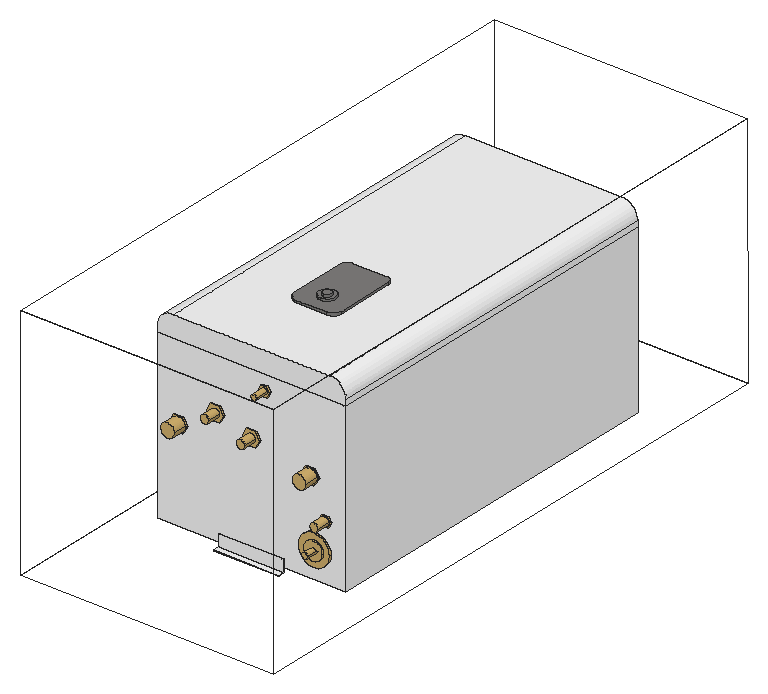
Revit family "Water_Boiler-Navien-NFC-Condensing-NFC-175", category Mechanical Equipment, host Face, Revit 2017
Family settings
  Host = Face
  Round Connector Dimension = Use Diameter
  Part Type = Normal
  OmniClass Number = 23.65.35.11
  OmniClass Title = Supply Water Heaters
  Cut with Voids When Loaded = No
  Shared = No
  Room Calculation Point = No
Parameters (values of type "NFC-175")
  Width = 17 77/256"  # constant formula
  Wi-Fi Ready = "NaviLink Wi‑Fi Control: This add-on accessory enables access to control temperatures remotely, access usage data and receive diagnostic notifications via smartphone or tablet."  # constant formula
  Weight = 145.00 lbf  # constant formula
  Water Pressure = "12–80 psi"  # constant formula
  Warranty Note = "Heat Exchangers: 15 years limited warranty (Residential), 10 years (Commercial) | Parts: 5 years (Residential), 3 years (Commercial)"  # constant formula
  Warranty = "https://www.navieninc.com/warranties"
  Voltage = 120 V
  Version = "2017 - v1.0.a"  # constant formula
  Venting Type = "Forced draft direct vent"  # constant formula
  Venting = "Exhaust: 2 in or 3 in PVC, CPVC, Approved Polypropylene, Stainless Steel, 2 in or 3 in Special Gas Vent Type BH (Class III, A/B/C) | Intake: 2 in or 3 in PVC, CPVC, Polypropylene, Stainless Steel, ABS 2 in or 3 in Special Gas Vent Type BH (Class III, A/B/C) | Vent Clearance: 0 in to combustibles"  # constant formula
  URL = "https://www.navieninc.com"
  Propane Gas Supply Pressure = "8.0\" to 13.5\" WC"  # constant formula
  Propane Gas Manifold Pressure = "-0.10\" to -0.45\" WC"  # constant formula
  Product Page URL = "https://www.navieninc.com/products/nfc-175"
  Product Name = "NFC Series Combination Boilers"  # constant formula
  Product Documentation Link = "https://www.navieninc.com/downloads/nfc-product-specifications-en"
  Power Factor = 1
  Phase = 1
  Number of Poles = 1
  Natural Gas Supply Pressure = "3.5\" to 10.5\" WC"  # constant formula
  Natural Gas Manifold Pressure = "-0.05\" to -0.47\" WC"  # constant formula
  Model = "NFC-175"  # constant formula
  Material = ""
  Manufacturer Phone Number = "(949) 420-0420"  # constant formula
  Manufacturer Fax Number = "(949) 420-0430"  # constant formula
  Manufacturer Address = "20 Goodyear, Irvine, CA 92618"  # constant formula
  Manufacturer = "Navien, Inc."  # constant formula
  Keynote = "22 33 00.A1"
  Intake = if([2" Exhaust/Intake], 2", 3")  # 2"
  Installation Type = "Indoor Wall-Hung"  # constant formula
  Ignition = "Electronic ignition"  # constant formula
  Hot Water Outlet = 3/4"  # constant formula
  Height = 33 1/2"  # constant formula
  Heating Supply = 1 1/4"  # constant formula
  Heating Return = 1 1/4"  # constant formula
  Heating Capacity Note = "175,000 to 18,000 BTUh"  # constant formula
  Heating Capacity = 175000.0 Btu/h
  Gas Inlet = 3/4"  # constant formula
  Gas Connection Size = 3/4"  # constant formula
  Frequency = 60 Hz
  Flow Rate = 0 GPM
  Finish = Metal - Navien - White
  Exhaust = if([2" Exhaust/Intake], 2", 3")  # 2"
  Description = "Condensing Gas Hot Water Boiler"  # constant formula
  Depth = 17 77/256"  # constant formula
  Default Elevation = 48"
  Condensate Outlet = 1/2"  # constant formula
  Cold Water Inlet = 3/4"  # constant formula
  Certifications = "Energy Star | AHRI | CSA | ASME | CSA Blue Star | CSA Blue Flame"  # constant formula
  Auto Feeder Inlet = 1/2"  # constant formula
  3" Exhaust/Intake = not([2" Exhaust/Intake])  # no
  2" Exhaust/Intake = yes
  Copyright = "All contents copyright © Navien Inc."  # constant formula
  Clearance [instance] = yes
  Assembly Code = "D3010500"
  Apparent Load = 0 VA
Reference planes (in)
  plane 1 "Center (Elevation)": y = 0
  plane 2: z = 0
  plane 3 "Reference": x = 0
  plane 4 "Top": y = 22.02539
  plane 5 "Left": x = -10.28125
  plane 6 "Bottom": y = -11.47461
  plane 7 "Right": x = 7.01953
  plane 8: z = 17.70078
  plane 9: y = 24.69539
  plane 10: z = 0.4
  plane 11 "Center (Left/Right)": x = -1.63086
  plane 12 "Condensate Outlet 1": z = 3.0018
  plane 13: y = 5.27539
  plane 14: z = -0.1
  plane 15: z = 5.6
  plane 16: z = 8.9
  plane 17: z = 10.1
  plane 18: z = 11
  plane 19: z = 3
  plane 20: x = 4.31875
  plane 21: x = 3.81875
  plane 22: x = -1.58125
  plane 23: x = -4.88125
  plane 24: x = -8.28125
Forms (in)
  Extrusion 1, solid, material "Metal - Navien - White" <- "Finish", detail levels medium+fine
    sketch origin (0, 0, 0) x (0, 1, 0) y (0, 0, 1)
      loop
        line (-11.4781, 1.12877) -> (-11.52126, 1.12877) -> (-11.52126, 0.04724) -> (-12.09194, 0.04724) -> (-12.09194, 0) -> (-11.4781, 0) -> (-11.4781, 1.12877)
    from -4.58124 to 1.3703
  Extrusion 2, solid, material "Metal - Navien - White" <- "Finish", detail levels medium+fine
    sketch origin (0, 0, 0) x (1, 0, 0) y (0, 0, 1)
      loop
        line (-10.28125, 15.75) -> (7.01953, 15.75) -> (7.01953, 16.2125)
        arc (7.01953, 16.2125) -> (6.58362, 17.26487) -> (5.53125, 17.70078) r 1.48828
        line (5.53125, 17.70078) -> (-8.78125, 17.70078)
        arc (-8.78125, 17.70078) -> (-9.84191, 17.26144) -> (-10.28125, 16.20078) r 1.5
        line (-10.28125, 16.20078) -> (-10.28125, 15.75)
    from -22.02539 to 11.47461
  Extrusion 3, solid, material "Metal - Navien - Brass, Soft Yellow"
    sketch origin (-3.25, 0, 0) x (-1, 0, 0) y (0, 0, -1)
      loop
        circle (4.99187, -12.56948) r 0.375
    from -23.32281 to -22.02539
  Extrusion 4, solid, material "Metal - Navien - Black", detail levels medium+fine
    sketch origin (0, 23.25489, 5.90687) x (0, 1, 0) y (-1, 0, 0)
      loop
        arc (-21.15746, 3.16493) -> (-21.34721, 3.62302) -> (-21.80529, 3.81276) r 0.64783
        line (-21.80529, 3.81276) -> (-27.01433, 3.81276)
        arc (-27.01433, 3.81276) -> (-27.64587, 3.55117) -> (-27.90746, 2.91963) r 0.89314
        line (-27.90746, 2.91963) -> (-27.90746, 0.1692)
        arc (-27.90746, 0.1692) -> (-27.68779, -0.36113) -> (-27.15746, -0.5808) r 0.75
        line (-27.15746, -0.5808) -> (-21.78679, -0.5808)
        arc (-21.78679, -0.5808) -> (-21.34179, -0.39648) -> (-21.15746, 0.04853) r 0.62933
        line (-21.15746, 0.04853) -> (-21.15746, 3.16493)
    from 11.79391 to 12
  Extrusion 5, solid, material "Metal - Navien - Black", detail levels medium+fine
    sketch origin (0, 23.25489, 4.3925) x (0, 1, 0) y (-1, 0, 0)
      loop
        circle (-26.04399, 1.63086) r 0.38018
    from 13.51437 to 13.80828
  Extrusion 6, solid, material "Metal - Navien - Black", detail levels medium+fine
    sketch origin (0, 23.25489, 4.3925) x (0, 1, 0) y (-1, 0, 0)
      loop
        circle (-26.03131, 1.63086) r 0.75
    from 13.30828 to 13.64814
  Extrusion 7, solid, material "Metal - Navien - White" <- "Finish", detail levels medium+fine
    sketch origin (-3.37047, -180, 9.44422) x (0, 0, 1) y (0, -1, 0)
      loop
        line (6.30578, -168.59281) -> (6.25519, -168.59281) -> (6.25519, -168.52539) -> (-9.04422, -168.52539) -> (-9.04422, -202.02539) -> (6.25519, -202.02539) -> (6.25519, -201.9886) -> (6.30578, -201.9886) -> (6.30578, -168.59281)
    from -6.91078 to 10.39
  Extrusion 8, solid, material "Metal - Navien - Brass, Soft Yellow"
    sketch origin (0, 0, 0) x (1, 0, 0) y (0, 0, 1)
      loop
        line (5.70898, 5.6) -> (5.43829, 6.06885) -> (4.89692, 6.06885) -> (4.62623, 5.6) -> (4.89692, 5.13115) -> (5.43829, 5.13115) -> (5.70898, 5.6)
      loop
        line (-4.0949, 11) -> (-4.48807, 11.681) -> (-5.27443, 11.681) -> (-5.6676, 11) -> (-5.27443, 10.319) -> (-4.48807, 10.319) -> (-4.0949, 11)
      loop
        line (-7.4949, 8.9) -> (-7.88807, 9.581) -> (-8.67443, 9.581) -> (-9.0676, 8.9) -> (-8.67443, 8.219) -> (-7.88807, 8.219) -> (-7.4949, 8.9)
      loop
        line (-0.7949, 10.1) -> (-1.18807, 10.781) -> (-1.97443, 10.781) -> (-2.3676, 10.1) -> (-1.97443, 9.419) -> (-1.18807, 9.419) -> (-0.7949, 10.1)
      loop
        line (4.6051, 8.9) -> (4.21193, 9.581) -> (3.42557, 9.581) -> (3.0324, 8.9) -> (3.42557, 8.219) -> (4.21193, 8.219) -> (4.6051, 8.9)
      loop
        line (0.17051, 14.37903) -> (-0.10018, 14.84788) -> (-0.64156, 14.84788) -> (-0.91225, 14.37903) -> (-0.64156, 13.91018) -> (-0.10018, 13.91018) -> (0.17051, 14.37903)
    from 11.47461 to 11.59257
  Extrusion 9, solid, material "Metal - Navien - Brass, Soft Yellow"
    sketch origin (0, 0, 0) x (1, 0, 0) y (0, 0, 1)
      loop
        circle (-8.28125, 8.9) r 0.625
      loop
        circle (-1.58125, 10.1) r 0.375
      loop
        circle (5.16876, 5.6) r 0.375
      loop
        circle (4.31875, 3) r 0.25
      loop
        circle (-4.88125, 11) r 0.375
      loop
        circle (3.81875, 8.9) r 0.625
      loop
        circle (-0.37087, 14.37903) r 0.25
    from 11.47461 to 12.78461
  Extrusion 10, solid, material "Metal - Navien - Brass, Soft Yellow", detail levels medium+fine
    sketch origin (0.1875, 0, -0.0625) x (1, 0, 0) y (0, 0, 1)
      loop
        circle (4.13125, 3.0625) r 1.42959
    from 11.59257 to 11.73334
  Extrusion 11, solid, material "Metal - Navien - Brass, Soft Yellow", detail levels medium+fine
    sketch origin (0.1875, 0, -0.0625) x (1, 0, 0) y (0, 0, 1)
      loop
        circle (4.13125, 3.0625) r 0.83408
    from 11.73334 to 11.841
  Extrusion 12, solid, material "Metal - Navien - Brass, Soft Yellow", detail levels medium+fine
    sketch origin (0, 0, 0) x (1, 0, 0) y (0, 0, 1)
      loop
        arc (-8.70931, 11.36209) -> (-8.24187, 11.46877) -> (-7.77443, 11.36209) r 1.07739
        arc (-7.77443, 11.36209) -> (-6.94715, 12.56948) -> (-7.77443, 13.77688) r 1.29472
        arc (-7.77443, 13.77688) -> (-8.24187, 13.67019) -> (-8.70931, 13.77688) r 1.07739
        arc (-8.70931, 13.77688) -> (-9.53659, 12.56948) -> (-8.70931, 11.36209) r 1.29472
    from -22.02539 to -22.33036
  Extrusion 13, solid, material "Metal - Navien - White" <- "Finish", detail levels coarse
    sketch origin (0, 19.32383, 4.3925) x (0, 1, 0) y (-1, 0, 0)
      loop
        line (2.70156, 10.28125) -> (-30.79844, 10.28125) -> (-30.79844, -7.01953) -> (2.70156, -7.01953) -> (2.70156, 10.28125)
    from -3.9925 to 13.30828
  Extrusion 14, solid, material "Clearances - Navien", visible <- "Clearance"
    sketch origin (0, 19.32383, 4.3925) x (0, 1, 0) y (-1, 0, 0)
      loop
        line (11.70156, 13.28125) -> (-42.79844, 13.28125) -> (-42.79844, -10.01953) -> (11.70156, -10.01953) -> (11.70156, 13.28125)
    from -4.4925 to 17.30828
Cuts and joins
  joined: Extrusion 4, Extrusion 5, Extrusion 6
  joined: Extrusion 8, Extrusion 9
Lines and regions (in)
  Split face 1
    outline origin (0, 23.25489, 17.90687) x (0, 1, 0) y (-1, 0, 0)
      loop
        line (-22.00951, 2.94276) -> (-23.25951, 2.94276) -> (-23.25951, 0.19276) -> (-22.00951, 0.19276) -> (-22.00951, 2.94276)
  Split face 2
    outline origin (-3.16493, 6.02848, 17.90687) x (-1, 0, 0) y (0, -1, 0)
      loop
        line (-0.35049, 6.75) -> (-0.35049, 7.10256) -> (-2.71765, 7.10256) -> (-2.71765, 6.75) -> (-0.35049, 6.75)
  Split face 3
    outline origin (-3.16493, 6.02848, 17.90687) x (-1, 0, 0) y (0, -1, 0)
      loop
        line (-2.90907, 6.0331) -> (-2.90907, 4.7831) -> (-0.15907, 4.7831) -> (-0.15907, 6.0331) -> (-2.90907, 6.0331)
  model lines, style "Clearance", visible <- "Clearance"
    curve 1: line (-13.28125, 31.02539, -0.1) -> (-13.28125, -23.47461, -0.1)
    curve 2: line (-13.28125, -23.47461, -0.1) -> (10.01953, -23.47461, -0.1)
    curve 3: line (10.01953, -23.47461, -0.1) -> (10.01953, 31.02539, -0.1)
    curve 4: line (10.01953, 31.02539, -0.1) -> (-13.28125, 31.02539, -0.1)
    curve 5: line (10.01953, 31.02539, 21.70078) -> (10.01953, -23.47461, 21.70078)
    curve 6: line (10.01953, -23.47461, 21.70078) -> (-13.28125, -23.47461, 21.70078)
    curve 7: line (-13.28125, -23.47461, 21.70078) -> (-13.28125, 31.02539, 21.70078)
    curve 8: line (-13.28125, 31.02539, 21.70078) -> (10.01953, 31.02539, 21.70078)
    curve 9: line (10.01953, 31.02539, 21.70078) -> (10.01953, 31.02539, -0.1)
    curve 10: line (-13.28125, 31.02539, 21.70078) -> (-13.28125, 31.02539, -0.1)
    curve 11: line (10.01953, -23.47461, 21.70078) -> (10.01953, -23.47461, -0.1)
    curve 12: line (-13.28125, -23.47461, 21.70078) -> (-13.28125, -23.47461, -0.1)
  model lines, style "MechanicalEquipment", detail levels medium+fine
    curve 13: arc (-0.63086, -2.7891, 17.90687) -> (-1.63086, -1.7891, 17.90687) -> (-2.63086, -2.7891, 17.90687) r 1
    curve 14: arc (-2.63086, -2.7891, 17.90687) -> (-1.63086, -3.7891, 17.90687) -> (-0.63086, -2.7891, 17.90687) r 1
Dimensions and locks (in)
  plane 5 "Left" to plane 3 "Reference" to plane 7 "Right" = 10 9/32", 7 5/256"
  "Width": plane 5 "Left" to plane 7 "Right"
  "Height": plane 4 "Top" to plane 6 "Bottom"
  "Depth": plane 8 to plane 10
  plane 8 to level = 17.70078"
  locked: plane 9 to plane 4 "Top" at 2.67
  locked: plane 10 to plane 2 at 0.4
  equal spacing: plane 7 "Right", plane 11 "Center (Left/Right)", plane 5 "Left"
  locked: Extrusion 1 to level at 1.12877  (x2)
  locked: Extrusion 1 to level at 0.04724  (x2)
  locked: Extrusion 1 sketch curve to level at 0.04724  (x10)
  locked: Extrusion 1 sketch curve to level at 1.12877  (x10)
  locked: Extrusion 2 to level at 17.70078  (x2)
  locked: Extrusion 2 to level at 15.75  (x2)
  locked: Extrusion 2 sketch curve to level at 15.75  (x10)
  locked: Extrusion 2 sketch curve to level at 16.2125  (x4)
  locked: Extrusion 2 sketch curve to level at 17.70078  (x10)
  locked: Extrusion 2 sketch curve to level at 16.20078  (x4)
  locked: Extrusion 4 sketch curve to level at 5.90687  (x48)
  locked: Extrusion 5 sketch curve to level at 4.3925  (x4)
  locked: Extrusion 6 sketch curve to level at 4.3925  (x4)
  locked: Extrusion 7 to level at 15.75  (x2)
  locked: Extrusion 7 to level at 15.69941  (x4)
  locked: Extrusion 7 to level at 0.4  (x2)
  locked: Extrusion 7 sketch curve to level at 15.75  (x10)
  locked: Extrusion 7 sketch curve to level at 15.69941  (x20)
  locked: Extrusion 7 sketch curve to level at 0.4  (x10)
  plane 6 "Bottom" to Extrusion 1 sketch curve to Extrusion 1 sketch curve to Extrusion 1 sketch curve = 0.00349" locked, 0.04316" locked, 0.57068" locked
  locked: plane 8 to Extrusion 2 sketch curve at 1.95078
  locked: plane 6 "Bottom" to cut or joined group of Extrusion 8, Extrusion 9 at 1.31
  plane 6 "Bottom" to cut or joined group of Extrusion 8, Extrusion 9 to Extrusion 10 to Extrusion 11 = 0.11796" locked, 0.14077" locked, 0.10765" locked
  locked: Extrusion 7 sketch curve to plane 6 "Bottom" at 0.06742
  equal spacing: plane 4 "Top", plane 13, plane 6 "Bottom"
  Extrusion 4 sketch curve to Extrusion 4 sketch curve to Extrusion 4 sketch curve to plane 11 "Center (Left/Right)" to Extrusion 4 sketch curve to Extrusion 4 sketch curve to Extrusion 4 sketch curve = 0.64783" locked, 0.24531" locked, 1.28877" locked, 1.46166" locked, 0.12067" locked, 0.62933" locked
  plane 6 "Bottom" to Extrusion 4 sketch curve to Extrusion 4 sketch curve to Extrusion 4 sketch curve to Extrusion 4 sketch curve to Extrusion 4 sketch curve to Extrusion 4 sketch curve = 6.82204", 3/4" locked, 0.14314" locked, 5.20904" locked, 0.0185" locked, 0.62933" locked
  locked: plane 10 to nested 1 at 4.1
  locked: nested 1 to plane 5 "Left" at 13.5
  locked: plane 10 to nested 2 at 4.3
  locked: nested 2 to plane 5 "Left" at 3.8
  locked: Extrusion 13 to plane 14 at 0.5
  locked: Extrusion 14 sketch curve to plane 5 "Left" at 3
  locked: plane 7 "Right" to Extrusion 14 sketch curve at 3
  locked: Extrusion 14 sketch curve to plane 4 "Top" at 9
  locked: Extrusion 14 sketch curve to plane 6 "Bottom" at 12
  locked: plane 11 "Center (Left/Right)" to Extrusion 3 sketch curve at 6.61101
  locked: Extrusion 3 sketch curve to level at 12.56948
  plane 11 "Center (Left/Right)" to Extrusion 12 sketch curve to Extrusion 12 sketch curve to Extrusion 12 sketch curve to Extrusion 12 sketch curve = 6.14357" locked, 0" locked, 0.93488" locked, 0" locked
  Extrusion 12 sketch curve to Extrusion 12 sketch curve to Extrusion 12 sketch curve to Extrusion 12 sketch curve to level = 0" locked, 2.41479" locked, 0" locked, 11.36209" locked
  Extrusion 13 sketch curve to plane 11 "Center (Left/Right)" to Extrusion 13 sketch curve = 8.65039" locked, 8.65039" locked
  Extrusion 13 sketch curve to plane 13 to Extrusion 13 sketch curve = 16 3/4" locked, 16 3/4" locked
  locked: plane 6 "Bottom" to Extrusion 5 sketch curve at 8.68551
  Split face 2 sketch curve to plane 11 "Center (Left/Right)" to Split face 2 sketch curve = 1 47/256" locked, 1 47/256" locked
  plane 6 "Bottom" to Split face 2 sketch curve to Split face 2 sketch curve = 10.40053", 0.35256" locked
  plane 6 "Bottom" to Split face 3 sketch curve to Split face 3 sketch curve = 11.46999", 1 1/4" locked
  Split face 3 sketch curve to plane 11 "Center (Left/Right)" to Split face 3 sketch curve = 1 3/8" locked, 1 3/8" locked
  plane 6 "Bottom" to Extrusion 6 sketch curve = 8.69819"
  Extrusion 3 to Extrusion 12 to Extrusion 12 to plane 4 "Top" = 0.99244" locked, 0.30497" locked, 0" locked
  locked: plane 18 to plane 10 at 10.6
  locked: plane 17 to plane 10 at 9.7
  locked: plane 16 to plane 10 at 8.5
  locked: plane 15 to plane 10 at 5.2
  locked: plane 19 to plane 10 at 2.6
  plane 20 to plane 5 "Left" = 14.6"
  locked: plane 24 to plane 5 "Left" at 2
  locked: plane 23 to plane 24 at 3.4
  locked: plane 22 to plane 23 at 3.3
  locked: plane 21 to plane 22 at 5.4
  Extrusion 8 sketch curve to Extrusion 8 sketch curve to Extrusion 8 sketch curve to Extrusion 8 sketch curve to Extrusion 8 sketch curve to Extrusion 8 sketch curve to Extrusion 8 sketch curve to plane 11 "Center (Left/Right)" to Extrusion 8 sketch curve to Extrusion 8 sketch curve to Extrusion 8 sketch curve to Extrusion 8 sketch curve to Extrusion 8 sketch curve = 1.08276" locked, 0.02113" locked, 1.5727" locked, 2.86189" locked, 0.96541" locked, 0.11735" locked, 0.71861" locked, 0.73674" locked, 1.7273" locked, 1.5727" locked, 1.8273" locked, 1.5727" locked
  Extrusion 9 sketch curve to Extrusion 9 sketch curve to Extrusion 9 sketch curve to Extrusion 9 sketch curve to Extrusion 9 sketch curve to plane 11 "Center (Left/Right)" to Extrusion 9 sketch curve to Extrusion 9 sketch curve = 0.97501" locked, 1/8" locked, 4.56462" locked, 1.08538" locked, 0.42461" locked, 2.87539" locked, 3.15" locked
  Extrusion 9 sketch curve to Extrusion 9 sketch curve to Extrusion 9 sketch curve to Extrusion 9 sketch curve to Extrusion 9 sketch curve to Extrusion 9 sketch curve to Extrusion 9 sketch curve to level = 3.50403" locked, 0.9" locked, 1.45" locked, 0" locked, 3.05" locked, 2.475" locked, 2 3/4" locked
  locked: Extrusion 10 sketch curve to level at 1.57041
  locked: Extrusion 10 sketch curve to plane 11 "Center (Left/Right)" at 5.94961
  locked: Extrusion 11 sketch curve to plane 11 "Center (Left/Right)" at 5.11553
  locked: Extrusion 11 sketch curve to level at 2.16592
  Extrusion 8 sketch curve to Extrusion 8 sketch curve to Extrusion 8 sketch curve to Extrusion 8 sketch curve to Extrusion 8 sketch curve to Extrusion 8 sketch curve to level = 3.59118" locked, 0.9" locked, 1.2" locked, 0" locked, 3.08785" locked, 5.13115" locked
  aligned and locked: plane 2 to host face
  aligned and locked: level to host face
  aligned and locked: plane 4 "Top" to Extrusion 2
  aligned and locked: plane 6 "Bottom" to Extrusion 2
  aligned and locked: Extrusion 3 to plane 4 "Top"
  aligned and locked: Extrusion 4 to plane 8
  aligned and locked: Extrusion 6 to plane 8
  aligned and locked: Extrusion 7 to plane 5 "Left"
  aligned and locked: Extrusion 7 to plane 7 "Right"
  aligned and locked: Extrusion 8 to plane 6 "Bottom"
  aligned and locked: Extrusion 9 to plane 6 "Bottom"
  aligned and locked: Extrusion 2 sketch curve to plane 5 "Left"
  aligned and locked: Extrusion 2 sketch curve to plane 7 "Right"
  aligned and locked: plane 8 to Extrusion 2 sketch curve
  aligned and locked: Extrusion 7 sketch curve to plane 4 "Top"
  aligned and locked: plane 6 "Bottom" to Extrusion 7 sketch curve
  aligned and locked: Extrusion 14 to plane 14
  aligned and locked: plane 11 "Center (Left/Right)" to Extrusion 5 sketch curve
  aligned and locked: plane 11 "Center (Left/Right)" to Extrusion 6 sketch curve
Automatic sketch dimensions
  host sketch curve to host sketch curve = 47 9/32"
  host sketch curve to host sketch curve = 59.02539"
  level to Extrusion 1 sketch curve = 0"
  plane 7 "Right" to Extrusion 2 sketch curve = 1 125/256"
  Extrusion 2 sketch curve to Extrusion 2 sketch curve = 0.45078"
  Split face 1 sketch curve to Extrusion 4 = 0.87"
  Split face 1 sketch curve to Extrusion 4 = 2.10205"
  Split face 1 sketch curve to Extrusion 4 = 0.85205"
  Split face 1 sketch curve to Extrusion 4 = 0.77356"
  Extrusion 7 sketch curve to plane 4 "Top" = 0.03679"
  Extrusion 12 sketch curve to Extrusion 12 sketch curve = 0"  (x2)
  Extrusion 12 sketch curve to Extrusion 12 sketch curve = 2.1781"
  Extrusion 12 sketch curve to Extrusion 12 sketch curve = 0.97071"
  curve 5 to plane 7 "Right" = 3"
  plane 9 to curve 8 = 6.33"
  curve 7 to plane 5 "Left" = 3"
  plane 6 "Bottom" to curve 7 = 12"
  curve 11 to plane 14 = 0"
  curve 12 to plane 14 = 0"
  curve 11 to plane 7 "Right" = 3"
  curve 12 to plane 5 "Left" = 3"
  curve 2 to plane 7 "Right" = 3"
  plane 6 "Bottom" to curve 2 = 12"
  curve 2 to plane 5 "Left" = 3"
  plane 9 to curve 1 = 6.33"
  curve 13 to curve 14 = 0"  (x2)
  curve 14 to Extrusion 4 = 1.86347"
  curve 14 to Extrusion 4 = 2.1819"
  curve 14 to curve 13 = 1"
  plane 8 to curve 11 = 4"
  plane 8 to curve 12 = 4"
  Extrusion 12 sketch curve to Extrusion 12 sketch curve = 0.46744"
  Extrusion 10 sketch curve to plane 12 "Condensate Outlet 1" = 0.0018"
  Extrusion 11 sketch curve to plane 12 "Condensate Outlet 1" = 0.0018"
  Extrusion 8 sketch curve to plane 16 = 0"  (x4)
  Extrusion 8 sketch curve to plane 18 = 0"  (x2)
  Extrusion 8 sketch curve to plane 17 = 0"  (x2)
  Extrusion 8 sketch curve to plane 15 = 0"  (x2)
  Extrusion 8 sketch curve to plane 24 = 0.39318"  (x2)
  plane 24 to Extrusion 8 sketch curve = 0.39318"  (x2)
  Extrusion 8 sketch curve to plane 23 = 0.39318"  (x2)
  plane 23 to Extrusion 8 sketch curve = 0.39318"  (x2)
  Extrusion 8 sketch curve to plane 11 "Center (Left/Right)" = 0.34357"  (x2)
  plane 22 to Extrusion 8 sketch curve = 0.39318"  (x2)
  Extrusion 8 sketch curve to Extrusion 8 sketch curve = 0.27069"  (x5)
  Extrusion 8 sketch curve to plane 3 "Reference" = 0.10018"  (x2)
  Extrusion 8 sketch curve to plane 21 = 0.39318"  (x2)
  Extrusion 8 sketch curve to plane 20 = 0.10682"  (x2)
  Extrusion 8 sketch curve to Extrusion 8 sketch curve = 0.54138"
  plane 15 to Extrusion 8 sketch curve = 0.46885"
  Extrusion 8 sketch curve to plane 17 = 0.519"  (x2)
  Extrusion 8 sketch curve to plane 18 = 0.219"
  plane 18 to Extrusion 8 sketch curve = 0.681"
  Extrusion 8 sketch curve to Extrusion 8 sketch curve = 0.46885"  (x3)
  Extrusion 9 sketch curve to plane 24 = 0"
  Extrusion 9 sketch curve to plane 23 = 0"
  Extrusion 9 sketch curve to plane 22 = 0"
  Extrusion 9 sketch curve to plane 21 = 0"
  Extrusion 9 sketch curve to plane 20 = 0"
  Extrusion 9 sketch curve to plane 15 = 0"
  curve 10 to Extrusion 14 = 0"  (x2)
  Extrusion 14 to curve 10 = 0"
  curve 9 to Extrusion 14 = 0"  (x3)
  radius of Extrusion 3 sketch curve = 3/8"
  radius of Extrusion 5 sketch curve = 0.38018"
  radius of Extrusion 6 sketch curve = 3/4"
  radius of Extrusion 9 sketch curve = 1/4"
Nested families (in)
  nested 1: "Intake_Exhaust" at (3.21875, 22.02539, 4.5) x (0, 0, -1) z (0, 1, 0), type "Intake_Exhaust"
  nested 2: "Intake_Exhaust" at (-6.48125, 22.02539, 4.7) x (0, 0, -1) z (0, 1, 0), type "Intake_Exhaust"
Connectors (in)
  piping at (5.16876, -12.78461, 5.6), diameter 0.75, driven by "Gas Inlet"
    settings: on cut or joined group of Extrusion 8, Extrusion 9, index 2, connector inside diameter 24", connector length 0", flow factor 0, pipe flow 0 GPM, pressure drop 0.00 psi, fitting loss kfactor 0, connector angle 0.00°, fixture units 0, engagement length 0", angle of deflection 0.00°, flow configuration 0, flow direction 1, fitting loss method 0, system type 22, joint type 0, gender type 0, connector reference index -1, connector utility 0, adjustable connector no, is connector primary yes, connector description "Natural Gas Connection"
  piping at (4.31875, -12.78461, 3), diameter 0.5
    settings: on cut or joined group of Extrusion 8, Extrusion 9, index 7, connector inside diameter 24", connector length 0", flow factor 0, pipe flow 0 GPM, pressure drop 0.00 psi, fitting loss kfactor 0, connector angle 0.00°, fixture units 0, engagement length 0", angle of deflection 0.00°, flow configuration 0, flow direction 0, fitting loss method 0, system type 7, joint type 0, gender type 0, connector reference index -1, connector utility 0, adjustable connector no, is connector primary no, connector description "Condensate Outlet Connection"
  hvac at (3.21875, 24.13982, 4.5), driven by "Exhaust"
    settings: on nested 1, index 8, duct flow 0 CFM, flow factor 0, pres drop 0.00 in-wg, loss coef 0, conn angle 0.00°, conn width 12", conn height 12", conn diameter 2", duct sys type 3, conn prof type 0, flow config 0, flow direction 2, loss method 0, conn ref index -1, conn util no, is conn primary yes, conn desc "Exhaust Gas Vent Connection"
  hvac at (-6.48125, 24.13982, 4.7), driven by "Exhaust"
    settings: on nested 2, index 9, duct flow 0 CFM, flow factor 0, pres drop 0.00 in-wg, loss coef 0, conn angle 0.00°, conn width 12", conn height 12", conn diameter 2", duct sys type 4, conn prof type 0, flow config 0, flow direction 1, loss method 0, conn ref index -1, conn util no, is conn primary no, conn desc "Air Intake Connection"
  piping at (-8.24187, 23.32281, 12.56948), diameter 0.75
    settings: on Extrusion 3, index 10, connector inside diameter 24", connector length 0", flow factor 0, pipe flow 0 GPM, pressure drop 0.00 psi, fitting loss kfactor 0, connector angle 0.00°, fixture units 0, engagement length 0", angle of deflection 0.00°, flow configuration 0, flow direction 2, fitting loss method 0, system type 22, joint type 0, gender type 0, connector reference index -1, connector utility 0, adjustable connector no, is connector primary no, connector description "Pressure Relief Valve Connection"
  electrical at (-1.63086, 5.27539, 0.4), driven by "Power Factor", driven by "Apparent Load", driven by "Voltage", driven by "Number of Poles"
    settings: on Extrusion 7, index 11, voltage 120 V, apparent load 0 VA, apparent load phase1 0 VA, apparent load phase2 0 VA, apparent load phase3 0 VA, power factor 1, load classification "Other", number of poles 1, system type 31, power factor state 1, is connector primary yes, connector utility no, sub classification motor no, connector description "Electrical Connector"
  piping at (-8.28125, -12.78461, 8.9), diameter 1.25, driven by "Heating Supply"
    settings: on cut or joined group of Extrusion 8, Extrusion 9, index 12, connector inside diameter 24", connector length 0", flow factor 0, pipe flow 0 GPM, pressure drop 0.00 psi, fitting loss kfactor 0, connector angle 0.00°, fixture units 0, engagement length 0", angle of deflection 0.00°, flow configuration 0, flow direction 2, fitting loss method 0, system type 7, joint type 0, gender type 0, connector reference index -1, connector utility 0, adjustable connector no, is connector primary no, connector description "Heating Supply Connection"
  piping at (-4.88125, -12.78461, 11), diameter 0.75, driven by "Hot Water Outlet"
    settings: on cut or joined group of Extrusion 8, Extrusion 9, index 13, connector inside diameter 24", connector length 0", flow factor 0, pipe flow 0 GPM, pressure drop 0.00 psi, fitting loss kfactor 0, connector angle 0.00°, fixture units 0, engagement length 0", angle of deflection 0.00°, flow configuration 0, flow direction 2, fitting loss method 0, system type 19, joint type 0, gender type 0, connector reference index -1, connector utility 0, adjustable connector no, is connector primary no, connector description "Hot Water Outlet Connection"
  piping at (-1.58125, -12.78461, 10.1), diameter 0.75, driven by "Cold Water Inlet"
    settings: on cut or joined group of Extrusion 8, Extrusion 9, index 14, connector inside diameter 24", connector length 0", flow factor 0, pipe flow 0 GPM, pressure drop 0.00 psi, fitting loss kfactor 0, connector angle 0.00°, fixture units 0, engagement length 0", angle of deflection 0.00°, flow configuration 0, flow direction 1, fitting loss method 0, system type 20, joint type 0, gender type 0, connector reference index -1, connector utility 0, adjustable connector no, is connector primary no, connector description "Cold Water Inlet Connection"
  piping at (-0.37087, -12.78461, 14.37903), diameter 0.5, driven by "Auto Feeder Inlet"
    settings: on cut or joined group of Extrusion 8, Extrusion 9, index 15, connector inside diameter 24", connector length 0", flow factor 0, pipe flow 0 GPM, pressure drop 0.00 psi, fitting loss kfactor 0, connector angle 0.00°, fixture units 0, engagement length 0", angle of deflection 0.00°, flow configuration 0, flow direction 1, fitting loss method 0, system type 7, joint type 0, gender type 0, connector reference index -1, connector utility 0, adjustable connector no, is connector primary no, connector description "Auto Feeder Inlet Connection"
  piping at (3.81875, -12.78461, 8.9), diameter 1.25, driven by "Heating Return"
    settings: on cut or joined group of Extrusion 8, Extrusion 9, index 16, connector inside diameter 24", connector length 0", flow factor 0, pipe flow 0 GPM, pressure drop 0.00 psi, fitting loss kfactor 0, connector angle 0.00°, fixture units 0, engagement length 0", angle of deflection 0.00°, flow configuration 0, flow direction 1, fitting loss method 0, system type 8, joint type 0, gender type 0, connector reference index -1, connector utility 0, adjustable connector no, is connector primary no, connector description "Heating Return Connection"
Definition of nested family "Intake_Exhaust"
  Parameters (values of type "Intake_Exhaust")
    Finish = none
    Default Elevation = 48"
  Reference planes (in)
    plane 1 "Center (Front/Back)": y = 0
    plane 2: z = 0
    plane 3 "Center (Left/Right)": x = 0
    plane 4: x = -1.46602
    plane 5: x = 1.46602
    plane 6: y = -1.45577
    plane 7: y = 1.45577
  Forms (in)
    Extrusion 1, solid
      sketch origin (0, 0, 0) x (1, 0, 0) y (0, 1, 0)
        loop
          line (-48, 48) -> (-48, -48) -> (48, -48) -> (48, 48) -> (-48, 48)
      from 0 to -12
    Extrusion 2, solid, material <- "Finish", detail levels fine
      sketch origin (0, 0, 0) x (1, 0, 0) y (0, 1, 0)
        loop
          arc (0.9965, 1.70215) -> (0.51624, 1.90363) -> (0, 1.97239) r 1.97239
          arc (0, 1.97239) -> (-0.51624, 1.90363) -> (-0.9965, 1.70215) r 1.97239
          line (-0.9965, 1.70215) -> (-1.43788, 1.70215)
          arc (-1.43788, 1.70215) -> (-1.60414, 1.64015) -> (-1.6892, 1.48443) r 0.25391
          line (-1.6892, 1.48443) -> (-1.6892, 1.0183)
          arc (-1.6892, 1.0183) -> (-1.90027, 0.52847) -> (-1.97239, 0) r 1.97239
          arc (-1.97239, 0) -> (-1.90027, -0.52847) -> (-1.6892, -1.0183) r 1.97239
          line (-1.6892, -1.0183) -> (-1.6892, -1.48443)
          arc (-1.6892, -1.48443) -> (-1.60414, -1.64015) -> (-1.43788, -1.70215) r 0.25391
          line (-1.43788, -1.70215) -> (-0.9965, -1.70215)
          arc (-0.9965, -1.70215) -> (-0.51624, -1.90363) -> (0, -1.97239) r 1.97239
          arc (0, -1.97239) -> (0.51624, -1.90363) -> (0.9965, -1.70215) r 1.97239
          line (0.9965, -1.70215) -> (1.43788, -1.70215)
          arc (1.43788, -1.70215) -> (1.60414, -1.64015) -> (1.6892, -1.48443) r 0.25391
          line (1.6892, -1.48443) -> (1.6892, -1.0183)
          arc (1.6892, -1.0183) -> (1.90027, -0.52847) -> (1.97239, 0) r 1.97239
          arc (1.97239, 0) -> (1.90027, 0.52847) -> (1.6892, 1.0183) r 1.97239
          line (1.6892, 1.0183) -> (1.6892, 1.48443)
          arc (1.6892, 1.48443) -> (1.60414, 1.64015) -> (1.43788, 1.70215) r 0.25391
          line (1.43788, 1.70215) -> (0.9965, 1.70215)
      from 0 to 0.34785
    Extrusion 3, solid, material <- "Finish", detail levels fine
      sketch origin (0, 0, 0) x (1, 0, 0) y (0, 0, 1)
        loop
          line (-1.4392, 1.43851) -> (-1.57327, 1.43851) -> (-1.97024, 0.34785) -> (-1.4392, 0.34785) -> (-1.4392, 1.43851)
      from -0.0824 to 0.06448
    Extrusion 4, solid, material <- "Finish", detail levels fine
      sketch origin (0, 0, 0) x (-1, 0, 0) y (0, 0, -1)
        loop
          line (-1.4392, -1.43851) -> (-1.4392, -0.34785) -> (-1.97024, -0.34785) -> (-1.57327, -1.43851) -> (-1.4392, -1.43851)
      from -0.0824 to 0.06448
    Extrusion 5, solid, material <- "Finish", detail levels fine
      sketch origin (-0.01835, 0.01025, 0) x (0, 1, 0) y (0, 0, 1)
        loop
          line (-1.4624, 1.43851) -> (-1.58098, 1.43851) -> (-1.97795, 0.34785) -> (-1.4624, 0.34785) -> (-1.4624, 1.43851)
      from -0.06791 to 0.09876
    Extrusion 6, solid, material <- "Finish", detail levels fine
      sketch origin (-0.01835, -0.01025, 0) x (0, -1, 0) y (0, 0, -1)
        loop
          line (-1.4624, -1.43851) -> (-1.4624, -0.34785) -> (-1.97795, -0.34785) -> (-1.58098, -1.43851) -> (-1.4624, -1.43851)
      from -0.06791 to 0.09876
    Extrusion 7, solid, material <- "Finish", detail levels fine
      sketch origin (0, 0, 0) x (1, 0, 0) y (0, 1, 0)
        loop
          circle (0, 0) r 1.34645
        loop
          circle (0, 0) r 1.25
      from 0.17664 to 2.11443
    Extrusion 8, solid, material <- "Finish", detail levels fine
      sketch origin (0, 0, 0) x (1, 0, 0) y (0, 1, 0)
        loop
          circle (0, 0) r 1.5792
        loop
          circle (0, 0) r 1.34645
      from 0 to 1.4562
    Extrusion 9, solid, material <- "Finish", detail levels coarse+medium
      sketch origin (0, 0, 0) x (1, 0, 0) y (0, 1, 0)
        loop
          line (-1.6892, 1.70215) -> (-1.6892, -1.70215) -> (1.6892, -1.70215) -> (1.6892, 1.70215) -> (-1.6892, 1.70215)
      from 0 to 0.34785
    Extrusion 10, solid, material <- "Finish", detail levels coarse+medium
      sketch origin (0, 0, 0) x (1, 0, 0) y (0, 1, 0)
        loop
          circle (0, 0) r 1.97239
      from 0 to 0.34785
    Extrusion 11, solid, material <- "Finish", detail levels coarse+medium
      sketch origin (0, 0, 0) x (1, 0, 0) y (0, 1, 0)
        loop
          circle (0, 0) r 1.34645
      from 0.34785 to 2.11443
  Cuts and joins
    joined: Extrusion 9, Extrusion 10
  Dimensions and locks (in)
    aligned and locked: plane 2 to Extrusion 1
    aligned and locked: level to Extrusion 1
